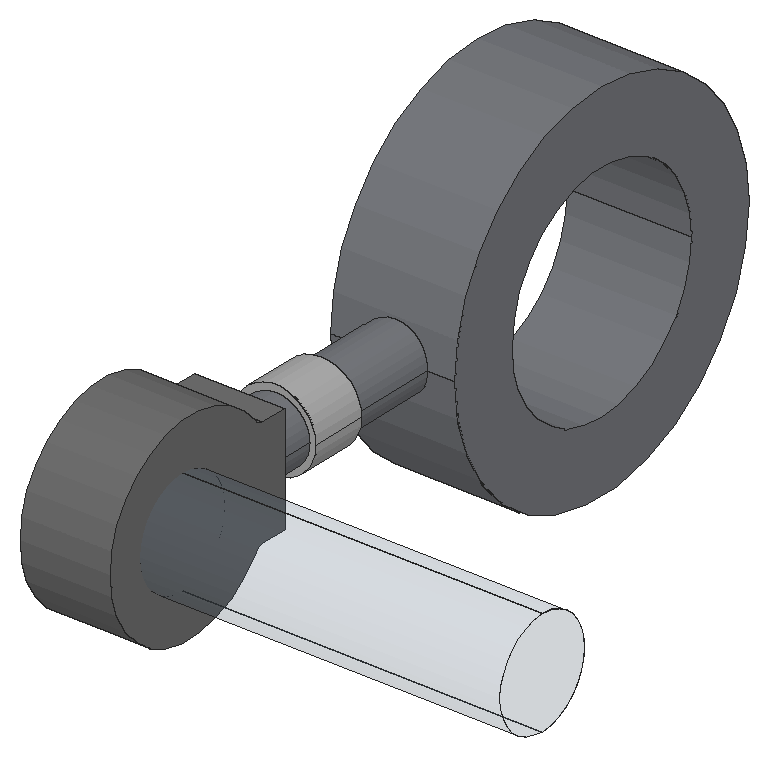
Revit family "MECON Turbo-Lux 2", category Rohrzubehör, Revit 2023
Family settings
  Bemaßung runder Anschluss = Radius verwenden
  Teiletyp = Ventil - Zerlegung in
  OmniClass-Nummer = 23.60.10.17
  OmniClass-Titel = Flow Meters
  Arbeitsebenenbasiert = Nein
  Immer vertikal = Ja
  Beim Laden mit Abzugskörper schneiden = Nein
  Gemeinsam genutzt = Nein
Parameters (values of type "DN 100 (Qv 0,6-3,0 m³/min)")
  l2 [instance] = 151.00 mm
  iVdS = 1 = 1  # yes
  iR1 = Nominal_Radius + 31.50 mm  # 81.50 mm
  iLPCB = 1 = 0  # no
  iFd [instance] = not(Toggle Flow Direction)  # yes
  iFM = 1 = 0  # no
  iD2 = Nominal_Diameter / 2 + 70.00 mm  # 120.00 mm
  iD [instance] = if(Display_Flanges, 45.00 mm, 0.00 mm)  # 0.00 mm
  iA1 [instance] = if(Angle > 360.00°, 360.00°, if(Angle < 0.00°, 0.00°, Angle))  # 90.00°
  Website Product = "https://www.mecon.de/en/orifice-flow-meters/turbo-lux-2/"
  Vorgabe-Ansicht = 0.00 mm
  VdS approved [instance] = iVdS  # yes
  VdS Approval = "https://www.mecon.de/files/daten/downloads/en/Turbo-Lux-2-VdS-Certificate.pdf"
  URL = "https://www.mecon.de/en"
  Typenkommentare = "DN 100 (Qv 0,6-3,0 m³/min)"
  Toggle Flow Direction [instance] = no
  Tag-No. [instance] = ""
  Serial Number [instance] = ""
  RVTversion [instance] = "2017"  # constant formula
  Order Code = "7ME5834-2AA00-0AA0"
  Operating Manual = "https://www.mecon.de/files/daten/downloads/en/Turbo-Lux-2-Manual.pdf"
  Nominal_Radius = Nominal_Diameter / 2  # 50 mm
  Nominal_Diameter = 100 mm
  Modell = "DN 100 (Qv: 0,6 - 3,0 m³/min)"
  LPCB approved [instance] = iLPCB  # no
  Index = "20200330"  # constant formula
  IfcExportType = "FLOWMETER"  # constant formula
  IfcExportAs = "IfcFlowMeter"  # constant formula
  Hersteller = "MECON GmbH, Röntgenstraße 105, 50169 Kerpen, Germany"  # constant formula
  Grey = Metal - grey
  Glass = Glass-
  Flow Range = "0.6 - 3.0 m³/min"
  FM approved [instance] = iFM  # no
  Druckverlust [instance] = 0.0 Pa
  Download Test Certificate = "https://download.mecon.de/downloads-en"
  Display_Flanges [instance] = no
  Delivery Time = "in stock"  # constant formula
  Build in Length = 55.00 mm  # constant formula
  Dark Grey = Metal - RAL5015
  Black = Metal - black
  Approval = "VdS"  # constant formula
  Angle [instance] = 90.00°
Types (5, lengths in mm): name | iR1 | iD2 | Typenkommentare | Order Code | Nominal_Radius | Nominal_Diameter | Modell | Flow Range
  DN 80 (Qv 0,42-2,1 m³/min) | 71.50 | 110.00 | "DN 80 (Qv 0,42-2,1 m³/min)" | "7ME5834-1AA00-0AA0" | 40 | 80 | "DN 80 (Qv: 0,42 - 2,1 m³/min)" | "0.42 - 2.1 m³/min"
  DN 100 (Qv 0,6-3,0 m³/min) | 81.50 | 120.00 | "DN 100 (Qv 0,6-3,0 m³/min)" | "7ME5834-2AA00-0AA0" | 50 | 100 | "DN 100 (Qv: 0,6 - 3,0 m³/min)" | "0.6 - 3.0 m³/min"
  DN 150 (Qv 1,2-6,0 m³/min) | 106.50 | 145.00 | "DN 150 (Qv 1,2-6,0 m³/min)" | "7ME5834-3AA00-0AA0" | 75 | 150 | "DN 150 (Qv: 1,2 - 6,0 m³/min)" | "1.2 - 6.0 m³/min"
  DN 200 (Qv 2,4-12,0 m³/min) | 131.50 | 170.00 | "DN 200 (Qv 2,4-12,0 m³/min)" | "7ME5834-4AA00-0AA0" | 100 | 200 | "DN 200 (Qv: 2,4 - 12,0 m³/min)" | "2.4 - 12.0 m³/min"
  DN 250 (Qv 3,6-18,0 m³/min) | 156.50 | 195.00 | "DN 250 (Qv 3,6-18,0 m³/min)" | "7ME5834-5AA00-0AA0" | 125 | 250 | "DN 250 (Qv: 3,6 - 18,0 m³/min)" | "3.6 - 18.0 m³/min"
Reference planes
  plane 1 "Mitte (Vorne/hinten)": y = 0
  plane 2: z = 0
  plane 3 "Mitte (Links/rechts)": x = 0
  plane 4 "connL": x = -27.5
  plane 5 "connR": x = 27.5
  plane 6: x = -27.5
  plane 7: x = 27.5
  plane 8: y = -166.5
  plane 9 "iR1": y = -81.5
  plane 10: y = -76.5
  plane 11: y = -121.5
  plane 12: y = -146.5
  plane 13: y = 120
  plane 14: y = -120
  plane 15: y = -146.5
  plane 16: y = 120
  plane 17: y = 411.757
  plane 18: y = 100
Forms (mm)
  Extrusion 1, solid, material "Metal - RAL5015" <- "Dark Grey", detail levels fine
    sketch origin (0, 0, 0) x (0, 1, 0) y (0, 0, 1)
      loop
        circle (0, 0) r 81.5
      loop
        circle (0, 0) r 50
    from -27.5 to 27.5
  Extrusion 2, solid, material "Metal - RAL5015" <- "Dark Grey", detail levels fine
    sketch origin (0, -81.5, 0) x (-1, 0, 0) y (0, 0, 1)
      loop
        circle (0, 0) r 15
    from 5 to -85
  Extrusion 3, solid, material "Metal - grey" <- "Grey", detail levels fine
    sketch origin (0, -81.5, 0) x (-1, 0, 0) y (0, 0, 1)
      loop
        circle (0, 0) r 18
    from -65 to -40
Lines and regions (mm)
  symbolic lines, style "Flow Direction Symbol", visible <- "Toggle Flow Direction"
    curve 1: line (0, -154, 0) -> (0, -139, 0)
    curve 9: line (0, -154, 0) -> (-30, -154, 0)
    curve 10: line (-30, -164, 0) -> (-47.5, -146.5, 0)
    curve 11: line (-30, -154, 0) -> (-30, -164, 0)
    curve 12: line (0, -139, 0) -> (-30, -139, 0)
    curve 13: line (-30, -129, 0) -> (-47.5, -146.5, 0)
    curve 14: line (-30, -139, 0) -> (-30, -129, 0)
  symbolic lines, style "Flow Direction Symbol", visible <- "iFd"
    curve 2: line (0, -154, 0) -> (30, -154, 0)
    curve 3: line (30, -164, 0) -> (47.5, -146.5, 0)
    curve 4: line (30, -154, 0) -> (30, -164, 0)
    curve 5: line (0, -139, 0) -> (30, -139, 0)
    curve 6: line (30, -129, 0) -> (47.5, -146.5, 0)
    curve 7: line (30, -139, 0) -> (30, -129, 0)
    curve 8: line (0, -154, 0) -> (0, -139, 0)
  model lines, style "Flow Direction Symbol"
    curve 15: line (0, 112.5, 0) -> (0, 127.5, 0)
  model lines, style "Flow Direction Symbol", visible <- "iFd"
    curve 16: line (0, 112.5, 0) -> (30, 112.5, 0)
    curve 17: line (30, 102.5, 0) -> (47.5, 120, 0)
    curve 18: line (30, 112.5, 0) -> (30, 102.5, 0)
    curve 19: line (0, 127.5, 0) -> (30, 127.5, 0)
    curve 20: line (30, 137.5, 0) -> (47.5, 120, 0)
    curve 21: line (30, 127.5, 0) -> (30, 137.5, 0)
  model lines, style "Flow Direction Symbol", visible <- "Toggle Flow Direction"
    curve 22: line (0, 112.5, 0) -> (0, 127.5, 0)
    curve 23: line (0, 112.5, 0) -> (-30, 112.5, 0)
    curve 24: line (-30, 102.5, 0) -> (-47.5, 120, 0)
    curve 25: line (-30, 112.5, 0) -> (-30, 102.5, 0)
    curve 26: line (0, 127.5, 0) -> (-30, 127.5, 0)
    curve 27: line (-30, 137.5, 0) -> (-47.5, 120, 0)
    curve 28: line (-30, 127.5, 0) -> (-30, 137.5, 0)
  model lines, style "Flow Direction Symbol", not visible
    curve 29: line (0, 419.257, 100) -> (0, 404.257, 100)
  model lines, style "Flow Direction Symbol", visible <- "iFd", not visible
    curve 30: line (0, 419.257, 100) -> (30, 419.257, 100)
    curve 31: line (30, 429.257, 100) -> (47.5, 411.757, 100)
    curve 32: line (30, 419.257, 100) -> (30, 429.257, 100)
    curve 33: line (0, 404.257, 100) -> (30, 404.257, 100)
    curve 34: line (30, 394.257, 100) -> (47.5, 411.757, 100)
    curve 35: line (30, 404.257, 100) -> (30, 394.257, 100)
  model lines, style "Flow Direction Symbol", visible <- "Toggle Flow Direction", not visible
    curve 36: line (0, 419.257, 100) -> (0, 404.257, 100)
    curve 37: line (0, 419.257, 100) -> (-30, 419.257, 100)
    curve 38: line (-30, 429.257, 100) -> (-47.5, 411.757, 100)
    curve 39: line (-30, 419.257, 100) -> (-30, 429.257, 100)
    curve 40: line (0, 404.257, 100) -> (-30, 404.257, 100)
    curve 41: line (-30, 394.257, 100) -> (-47.5, 411.757, 100)
    curve 42: line (-30, 404.257, 100) -> (-30, 394.257, 100)
  symbolic lines, style "Flow Direction Symbol", visible <- "Toggle Flow Direction", not visible
    curve 43: line (380, 92.5, 0) -> (380, 107.5, 0)
    curve 51: line (380, 92.5, 0) -> (350, 92.5, 0)
    curve 52: line (350, 82.5, 0) -> (332.5, 100, 0)
    curve 53: line (350, 92.5, 0) -> (350, 82.5, 0)
    curve 54: line (380, 107.5, 0) -> (350, 107.5, 0)
    curve 55: line (350, 117.5, 0) -> (332.5, 100, 0)
    curve 56: line (350, 107.5, 0) -> (350, 117.5, 0)
  symbolic lines, style "Flow Direction Symbol", visible <- "iFd", not visible
    curve 44: line (380, 92.5, 0) -> (410, 92.5, 0)
    curve 45: line (410, 82.5, 0) -> (427.5, 100, 0)
    curve 46: line (410, 92.5, 0) -> (410, 82.5, 0)
    curve 47: line (380, 107.5, 0) -> (410, 107.5, 0)
    curve 48: line (410, 117.5, 0) -> (427.5, 100, 0)
    curve 49: line (410, 107.5, 0) -> (410, 117.5, 0)
    curve 50: line (380, 92.5, 0) -> (380, 107.5, 0)
Dimensions and locks
  equal spacing: plane 4 "connL", plane 3 "Mitte (Links/rechts)", plane 5 "connR"
  equal spacing: plane 6, plane 3 "Mitte (Links/rechts)", plane 7
  locked: plane 6 to plane 7 at 55
  "iD": plane 4 "connL" to plane 6
  locked: plane 9 "iR1" to plane 8 at 85
  "iR1": plane 9 "iR1" to plane 1 "Mitte (Vorne/hinten)"
  plane 9 "iR1" to plane 10 = 5.00 mm
  locked: plane 9 "iR1" to plane 11 at 40
  locked: plane 12 to plane 11 at 25
  plane 3 "Mitte (Links/rechts)" to plane 7 = 27.50 mm
  locked: plane 12 to nested 1 at 20
  "iD2": plane 13 to plane 1 "Mitte (Vorne/hinten)"
  "iD2": plane 1 "Mitte (Vorne/hinten)" to plane 14
  "Nominal_Radius": radius of Extrusion 1 sketch curve
  "iR1": radius of Extrusion 1 sketch curve
  "Angle": angle plane 3 "Mitte (Links/rechts)" to nested 1
  aligned and locked: level to plane 2
  aligned and locked: Extrusion 1 to plane 6
  aligned and locked: plane 7 to Extrusion 1
  aligned and locked: plane 6 to Extrusion 1
  aligned and locked: Extrusion 1 to plane 7
  aligned and locked: nested 1 to plane 8
  aligned and locked: Extrusion 2 to plane 8
  aligned and locked: plane 10 to Extrusion 2
  aligned and locked: nested 2 to plane 7
  aligned and locked: nested 3 to plane 6
  aligned and locked: plane 3 "Mitte (Links/rechts)" to nested 4
  aligned and locked: nested 4 to level
  aligned and locked: plane 1 "Mitte (Vorne/hinten)" to nested 4
  aligned and locked: Extrusion 3 to plane 12
  aligned and locked: Extrusion 3 to plane 11
  aligned and locked: plane 3 "Mitte (Links/rechts)" to nested 1
  aligned and locked: level to nested 1
  aligned and locked: plane 16 to plane 13
  aligned and locked: plane 12 to plane 15
  aligned and locked: plane 3 "Mitte (Links/rechts)" to curve 8
  aligned and locked: plane 3 "Mitte (Links/rechts)" to curve 22
Automatic sketch dimensions
  Extrusion 2 sketch curve to level = 0.00 mm
  Extrusion 2 sketch curve to plane 3 "Mitte (Links/rechts)" = 0.00 mm
  Extrusion 3 sketch curve to level = 0.00 mm
  Extrusion 3 sketch curve to plane 3 "Mitte (Links/rechts)" = 0.00 mm
  Extrusion 1 sketch curve to Extrusion 1 sketch curve = 0.00 mm  (x2)
  Extrusion 1 sketch curve to level = 0.00 mm
  Extrusion 1 sketch curve to plane 1 "Mitte (Vorne/hinten)" = 0.00 mm
  radius of Extrusion 2 sketch curve = 15.00 mm
  radius of Extrusion 3 sketch curve = 18.00 mm
Nested families
  nested 1: "Bypass Meter" at (0, -166.5, 0) x (0, 0, 1) z (-1, 0, 0), Black <- "Black", Grey <- "Grey", Glass <- "Glass", type "mecon", detail levels fine
    with Grey Metal - grey, Glass Glass-, Black Metal - black
  nested 2: "Flange" at (27.5, 0, 0), Nominal_Diameter <- "Nominal_Diameter", visible <- "Display_Flanges", Grey <- "Dark Grey", type "Standard", detail levels fine
    with max d1d2d3 100.00 mm, Rad4 57.15 mm, Rad3 65.00 mm, Rad2 105.00 mm, Rad1 74.00 mm, Nominal_Radius 50 mm, Nominal_Diameter 100 mm, Lgt4 10.00 mm, Lgt3 19.00 mm, Lgt2 13.00 mm, Lgt1 3.00 mm, Grey Metal - RAL5015, iD 45.00 mm
  nested 3: "Flange" at (-27.5, 0, 0) x (-1, 0, 0) z (0, 0, -1), Nominal_Diameter <- "Nominal_Diameter", visible <- "Display_Flanges", Grey <- "Dark Grey", type "Standard", detail levels fine
    with max d1d2d3 100.00 mm, Rad4 57.15 mm, Rad3 65.00 mm, Rad2 105.00 mm, Rad1 74.00 mm, Nominal_Radius 50 mm, Nominal_Diameter 100 mm, Lgt4 10.00 mm, Lgt3 19.00 mm, Lgt2 13.00 mm, Lgt1 3.00 mm, Grey Metal - RAL5015, iD 45.00 mm
  nested 4: "MeterFlowSymbol" at (0, 0, 0), type "MeterFlowSymbol", detail levels coarse+medium
  nested 5: "MeterFlowSymbol2D" at (0, 0, 0), type "MeterFlowSymbol2D", detail levels coarse+medium
Connectors
  piping at (-27.5, 0, 0), diameter 100, driven by "Nominal_Radius"
    settings: index 4, connector inside diameter 609.6 mm, connector length 0.00 mm, flow factor 0, pipe flow 0.0 L/s, pressure drop 0.0 Pa, fitting loss kfactor 0, connector angle 0.00°, fixture units 0, engagement length 0.00 mm, angle of deflection 0.00°, flow configuration 0, flow direction 0, fitting loss method 0, system type 29, joint type 0, gender type 0, connector reference index 5, connector utility 0, adjustable connector no, is connector primary yes, connector description ""
  piping at (27.5, 0, 0), diameter 100, driven by "Nominal_Radius"
    settings: index 5, connector inside diameter 609.6 mm, connector length 0.00 mm, flow factor 0, pipe flow 0.0 L/s, pressure drop 0.0 Pa, fitting loss kfactor 0, connector angle 0.00°, fixture units 0, engagement length 0.00 mm, angle of deflection 0.00°, flow configuration 0, flow direction 0, fitting loss method 0, system type 29, joint type 0, gender type 0, connector reference index 4, connector utility 0, adjustable connector no, is connector primary no, connector description ""
Definition of nested family "Bypass Meter"
  Parameters (values of type "mecon")
    Default Elevation = 0.00 mm
    Order Code = "7ME5834-0AB00-0AA0"  # constant formula
    Grey [instance] = none
    Glass [instance] = none
    Black [instance] = none
  Reference planes
    plane 1 "Mitte (Vorne/hinten)": y = 0
    plane 2: z = 0
    plane 3 "Mitte (Links/rechts)": x = 0
    plane 4: z = -20
    plane 5: x = 0.057
  Forms (mm)
    Extrusion 1, solid, material <- "Black"
      sketch origin (0, 0, 0) x (1, 0, 0) y (0, 1, 0)
        loop
          line (24.057, 0) -> (0.057, 0) -> (-24.057, 0) -> (-24.057, -12.023)
          arc (-24.057, -12.023) -> (-24.628, -14.406) -> (-26.217, -16.271) r 5.258
          arc (-26.217, -16.271) -> (0, -96.728) -> (26.217, -16.271) r 44.5
          arc (26.217, -16.271) -> (24.628, -14.406) -> (24.057, -12.023) r 5.258
          line (24.057, -12.023) -> (24.057, 0)
      from 20 to -20
    Extrusion 2, solid, material <- "Glass"
      sketch origin (0, 0, 0) x (1, 0, 0) y (0, 1, 0)
        loop
          circle (0, -56.845) r 23.5
      from -180 to -20
  Lines and regions (mm)
    model lines
      curve 1: line (0, -16.963, 0) -> (0, -96.728, 0)
  Dimensions and locks
    Extrusion 1 to plane 3 "Mitte (Links/rechts)" = 24.057 mm
    level to plane 4 = 20.00 mm
    level to Extrusion 2 = 180.00 mm
    aligned and locked: level to plane 2
    aligned and locked: plane 5 to Extrusion 1
Definition of nested family "Flange"
  Parameters (values of type "Standard")
    max d1d2d3 [instance] = Nominal_Diameter  # 50.00 mm
    iD [instance] = 38.00 mm
    Default Elevation = 1500.00 mm
    Nominal_Radius [instance] = Nominal_Diameter / 2  # 25 mm
    Nominal_Diameter [instance] = 50 mm
    Name der Abruftabelle = "Flange DIN EN 1092-1 PN6"
    Lgt4 [instance] = size_lookup(Name der Abruftabelle, "Lgt4", 0.0189 * Nominal_Diameter + 7.40 mm, Nominal_Diameter)  # 8.00 mm
    Lgt3 [instance] = size_lookup(Name der Abruftabelle, "Lgt3", 0.0307 * Nominal_Diameter + 14.10 mm, Nominal_Diameter)  # 16.00 mm
    Lgt2 [instance] = size_lookup(Name der Abruftabelle, "Lgt2", 0.017 * Nominal_Diameter + 11.50 mm, Nominal_Diameter)  # 11.00 mm
    Lgt1 [instance] = size_lookup(Name der Abruftabelle, "Lgt1", 0.0042 * Nominal_Diameter + 2.30 mm, Nominal_Diameter)  # 3.00 mm
    Rad4 [instance] = size_lookup(Name der Abruftabelle, "Rad4", 0.5 * Nominal_Diameter + 5.80 mm, Nominal_Diameter)  # 30.15 mm
    Rad3 [instance] = size_lookup(Name der Abruftabelle, "Rad3", 0.52 * Nominal_Diameter + 10.90 mm, Nominal_Diameter)  # 37.00 mm
    Rad2 [instance] = size_lookup(Name der Abruftabelle, "Rad2", 0.57 * Nominal_Diameter + 42.50 mm, Nominal_Diameter)  # 70.00 mm
    Rad1 [instance] = size_lookup(Name der Abruftabelle, "Rad1", 0.54 * Nominal_Diameter + 18.80 mm, Nominal_Diameter)  # 45.00 mm
    Index = "20191112"  # constant formula
    Grey [instance] = none
  Reference planes
    plane 1 "Mitte (Vorne/hinten)": y = 0
    plane 2: z = 0
    plane 3 "Mitte (Links/rechts)": x = 0
    plane 4: x = 14
    plane 5: x = 30
    plane 6: x = 38
    plane 7: y = 70
    plane 8: y = 37
    plane 9: y = 30.15
    plane 10: x = 3
  Forms (mm)
    Revolve 1, solid, material <- "Grey", detail levels fine
      sketch origin (-28.279, 0, 0) x (1, 0, 0) y (0, 1, 0)
        loop
          line (31.279, 25) -> (58.279, 25) -> (58.279, 30.15) -> (42.279, 37) -> (42.279, 70) -> (31.279, 70) -> (31.279, 25)
        axis (31.279, 0) -> (58.279, 0)
      angle from 0 to 360
    Extrusion 2, solid, material <- "Grey", detail levels fine
      sketch origin (-3, 115.133, 1219.2) x (0, 1, 0) y (0, 0, 1)
        loop
          circle (-115.133, -1219.2) r 45
        loop
          circle (-115.133, -1219.2) r 25
      from 3 to 6
    Extrusion 3, solid, material <- "Grey", detail levels fine
      sketch origin (30, 129.093, 1219.2) x (0, 1, 0) y (0, 0, 1)
        loop
          circle (-129.093, -1219.2) r 30.15
        loop
          circle (-129.093, -1219.2) r 25
      from 0 to 8
  Lines and regions (mm)
    model lines, detail levels coarse+medium
      curve 1: line (0, 0, 0) -> (38, 0, 0)
      curve 2: line (0, 70, 0) -> (0, 0, 0)
      curve 3: line (0, -70, 0) -> (0, 0, 0)
      curve 4: line (0, 0, 70) -> (0, 0, -70)
      curve 5: line (38, 0, 0) -> (0, 0, 0)
      curve 6: circle (0, 0, 0) r 70 normal (1, 0, 0)
      curve 7: circle (0, 0, 0) r 25 normal (1, 0, 0)
  Dimensions and locks
    "Rad2": plane 7 to plane 1 "Mitte (Vorne/hinten)"
    "Rad3": plane 8 to plane 1 "Mitte (Vorne/hinten)"
    "Lgt3": plane 4 to plane 5
    "Lgt4": plane 5 to plane 6
    "Rad4": plane 9 to plane 1 "Mitte (Vorne/hinten)"
    "Rad2": curve 2 to curve 2
    "Rad2": curve 3 to curve 3
    "Lgt1": plane 3 "Mitte (Links/rechts)" to plane 10
    "Lgt2": plane 10 to plane 4
    equal spacing: curve 4, plane 2, curve 4
    "Rad2": curve 4 to plane 2
    "Nominal_Radius": Revolve 1 sketch curve to plane 1 "Mitte (Vorne/hinten)"
    "iD": plane 3 "Mitte (Links/rechts)" to plane 6
    "Rad1": radius of Extrusion 2 sketch curve
    "Rad4": radius of Extrusion 3 sketch curve
    "Rad2": radius of curve 6
    "Nominal_Radius": radius of curve 7
    "Nominal_Radius": radius of Extrusion 3 sketch curve
    "Nominal_Radius": radius of Extrusion 2 sketch curve
    aligned and locked: plane 2 to level
    aligned and locked: Revolve 1 to plane 4
    aligned and locked: Revolve 1 to plane 5  (x2)
    aligned and locked: Extrusion 3 to plane 5
    aligned and locked: plane 6 to Extrusion 3
    aligned and locked: Revolve 1 to plane 10
    aligned and locked: plane 10 to Extrusion 2
    aligned and locked: Extrusion 2 to plane 3 "Mitte (Links/rechts)"
    aligned and locked: plane 3 "Mitte (Links/rechts)" to curve 3
    aligned and locked: curve 2 to plane 3 "Mitte (Links/rechts)"
    aligned and locked: plane 1 "Mitte (Vorne/hinten)" to curve 1
    aligned and locked: curve 4 to plane 3 "Mitte (Links/rechts)"
    aligned and locked: plane 6 to curve 5
    aligned and locked: plane 2 to curve 5
  Automatic sketch dimensions
    curve 1 to plane 6 = 0.00 mm
    curve 6 to curve 7 = 0.00 mm  (x2)
    curve 7 to level = 0.00 mm
    curve 7 to plane 1 "Mitte (Vorne/hinten)" = 0.00 mm
    plane 1 "Mitte (Vorne/hinten)" to Revolve 1 sketch curve = 0.00 mm
    Revolve 1 sketch curve to plane 3 "Mitte (Links/rechts)" = 0.00 mm
    Revolve 1 sketch curve to plane 7 = 0.00 mm
    Revolve 1 sketch curve to plane 10 = 0.00 mm
    Revolve 1 sketch curve to plane 4 = 0.00 mm
    Revolve 1 sketch curve to plane 5 = 0.00 mm  (x2)
    Revolve 1 sketch curve to plane 9 = 0.00 mm
    Revolve 1 sketch curve to plane 8 = 0.00 mm
    Extrusion 2 sketch curve to Extrusion 2 sketch curve = 0.00 mm  (x2)
    Extrusion 2 sketch curve to level = 0.00 mm
    Extrusion 2 sketch curve to plane 1 "Mitte (Vorne/hinten)" = 0.00 mm
    Extrusion 3 sketch curve to Extrusion 3 sketch curve = 0.00 mm  (x2)
    Extrusion 3 sketch curve to level = 0.00 mm
    Extrusion 3 sketch curve to plane 1 "Mitte (Vorne/hinten)" = 0.00 mm
Definition of nested family "MeterFlowSymbol"
  Parameters (values of type "MeterFlowSymbol")
    Default Elevation = 0.00 mm
  Reference planes
    plane 1 "Mitte (Vorne/hinten)": y = 0
    plane 2: z = 0
    plane 3 "Mitte (Links/rechts)": x = 0
    plane 4: x = -100
    plane 5: x = 100
    plane 6: z = 50
    plane 7: z = -50
    plane 8: z = 150
  Lines and regions (mm)
    model lines
      curve 1: line (-100, 0, 50) -> (-100, 0, -50)
      curve 2: line (100, 0, 50) -> (100, 0, -50)
      curve 3: line (-100, 0, 0) -> (100, 0, 0)
      curve 4: line (0, 0, 0) -> (0, 0, 50)
      curve 5: circle (0, 0, 150) r 100 normal (0, -1, 0)
      curve 6: line (-47.5, 0, 210) -> (-47.5, 0, 110)
      curve 7: line (-47.5, 0, 210) -> (2.5, 0, 210)
      curve 8: line (47.5, 0, 170) -> (47.5, 0, 90)
      curve 9: line (47.5, 0, 170) -> (32.5, 0, 170)
      curve 10: line (47.5, 0, 120) -> (32.5, 0, 120)
      curve 11: line (32.5, 0, 170) -> (32.5, 0, 120)
      curve 12: line (-47.5, 0, 160) -> (-12.5, 0, 160)
  Dimensions and locks
    equal spacing: plane 5, plane 3 "Mitte (Links/rechts)", plane 4
    equal spacing: plane 6, level, plane 7
    plane 8 to level = 150.00 mm
    level to plane 7 = 50.00 mm
    plane 5 to plane 3 "Mitte (Links/rechts)" = 100.00 mm
    aligned and locked: level to plane 2
    aligned and locked: plane 8 to curve 5
    aligned and locked: plane 3 "Mitte (Links/rechts)" to curve 5
  Automatic sketch dimensions
    curve 1 to plane 4 = 0.00 mm
    curve 4 to level = 0.00 mm
    curve 4 to plane 3 "Mitte (Links/rechts)" = 0.00 mm
    curve 2 to plane 5 = 0.00 mm
    curve 1 to plane 7 = 0.00 mm
    curve 2 to plane 7 = 0.00 mm
    curve 1 to plane 6 = 0.00 mm
    curve 2 to plane 6 = 0.00 mm
    curve 4 to plane 6 = 0.00 mm
    curve 7 to plane 3 "Mitte (Links/rechts)" = 47.50 mm
    plane 3 "Mitte (Links/rechts)" to curve 11 = 32.50 mm
    curve 9 to curve 9 = 15.00 mm
    curve 10 to plane 8 = 30.00 mm
    plane 8 to curve 9 = 20.00 mm
    plane 8 to curve 6 = 60.00 mm
    curve 12 to plane 3 "Mitte (Links/rechts)" = 12.50 mm
    plane 3 "Mitte (Links/rechts)" to curve 7 = 2.50 mm
    curve 8 to curve 10 = 30.00 mm
    curve 6 to plane 8 = 40.00 mm
    plane 8 to curve 12 = 10.00 mm
Definition of nested family "MeterFlowSymbol2D"
  Reference planes
    plane 1 "Mitte (Vorne/hinten)": y = 0
    plane 2: z = 0
    plane 3 "Mitte (Links/rechts)": x = 0
  Lines and regions (mm)
    detail lines, in view "Ref.-Ebene"
      curve 1: circle (0, 150, 0) r 100 normal (0, 0, 1)
      curve 2: line (32.5, 170, 0) -> (32.5, 120, 0)
      curve 3: line (-100, 50, 0) -> (-100, -50, 0)
      curve 4: line (100, 50, 0) -> (100, -50, 0)
      curve 5: line (-100, 0, 0) -> (100, 0, 0)
      curve 6: line (0, 0, 0) -> (0, 50, 0)
      curve 7: line (2.5, 210, 0) -> (-47.5, 210, 0)
      curve 8: line (-47.5, 210, 0) -> (-47.5, 110, 0)
      curve 9: line (32.5, 170, 0) -> (47.5, 170, 0)
      curve 10: line (47.5, 170, 0) -> (47.5, 90, 0)
      curve 11: line (47.5, 120, 0) -> (32.5, 120, 0)
      curve 12: line (-47.5, 160, 0) -> (-12.5, 160, 0)
